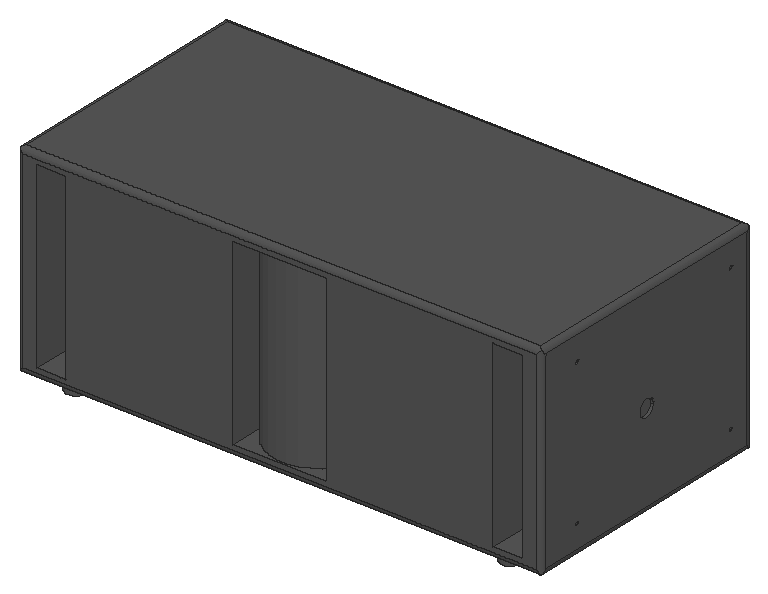
Revit family "Electronics_Community-Subwoofers_Biamp_V2_212S", category Communication Devices, host Face, Revit 2020
Family settings
  Host = Face
  Maintain Annotation Orientation = No
  Round Connector Dimension = Use Diameter
  Part Type = Normal
  OmniClass Number = 23.85.10.11.14.14.14
  Cut with Voids When Loaded = No
  Shared = No
  Room Calculation Point = No
Parameters (values of type "V2-212S B")
  Width = 2' - 11 115/128"  # constant formula
  Weight = 70.00 lbf  # constant formula
  URL = "https://www.biamp.com/"
  Sensitivity (1W/1m) = "98 dB  (50 Hz to  200 Hz) half space"  # constant formula
  Recommended Signal Processing = "40 Hz, 24 dB/octave high pass filter"  # constant formula
  Product data url = "https://www.bimobject.com/biamp/product/v2-212s_community-subwoofer"
  Product Page URL = "https://www.biamp.com/products/product-families/community/community-subwoofers#v2-212s"
  Product Documentation Link = "https://downloads.biamp.com/assets/docs/default-source/data-sheets/biamp_data_sheet_community_v2-212s.pdf"
  Optional Accessories = "M10EYBLTKIT 10mm eyebolt kit; STKIT seat track kit"  # constant formula
  Operating Range = "37 Hz to 500 Hz (-10 dB)"  # constant formula
  Nominal –6dB Beamwidth = "360° H x 180° V"  # constant formula
  Nominal Impedance = "4 ohms"  # constant formula
  Mounting/Rigging Provisions = "8 x M10 threaded rigging fittings"  # constant formula
  Model = "V2-212S B"
  Minimum Impedance = "4.2 ohms @ 110 Hz"  # constant formula
  Maximum Output = "123 dB SPL / 129 dB SPL (peak)"  # constant formula
  Manufacturer = "Biamp"  # constant formula
  Loudspeaker Type = "Dual driver subwoofer, rectangular, vented bass"  # constant formula
  Input Connection = "NL4-compatible locking connector with terminal strip in parallel"  # constant formula
  Housing Material = Biamp - Plastic - Black
  Height = 1' - 1 115/128"  # constant formula
  Grill Material = Biamp - Plastic - Black(Grid)
  Frequency Response = "50 Hz to 125 Hz (-3 dB)"  # constant formula
  Enclosure = "18mm, 11-ply cross-laminated birch"  # constant formula
  Drivers = "LF 2 x 12-inch"  # constant formula
  Driver Protection = "DYNA-TECH protection circuitry"  # constant formula
  Description = "V2-212S Dual 12-Inch Subwoofer System"  # constant formula
  Depth = 1' - 5 115/128"  # constant formula
  Default Elevation = 4' - 0"
  Connector Description = "NL4, Terminal strip; 300W continuous, 750W program 34.6 volts RMS, 69.3 volts momentary peak"  # constant formula
Types (2): name | Model | Housing Material | Grill Material
  V2-212S B | "V2-212S B" | Biamp - Plastic - Black | Biamp - Plastic - Black(Grid)
  V2-212S W | "V2-212S W" | Biamp - Plastic - White | Biamp - Plastic - White(Grid)
Reference planes (in)
  plane 1 "Center (Front/Back)": y = 0
  plane 2: z = 0
  plane 3 "Center (Left/Right)": x = 0
  plane 4: y = 8.959
  plane 5: x = 17.959
  plane 6: x = -17.959
  plane 7: y = -8.959
  plane 8: z = 14.418
  plane 9: z = 0.5
  plane 10: y = -5.52593
  plane 11: x = 17.834
  plane 12: x = 17.709
  plane 13: x = -17.834
  plane 14: x = -17.709
Forms (in)
  Extrusion 1, solid, material "Biamp - Plastic - Black" <- "Housing Material", detail levels medium+fine
    sketch origin (0, 0, 0) x (1, 0, 0) y (0, 1, 0)
      loop
        arc (-17.584, 8.959) -> (-17.84917, 8.84917) -> (-17.959, 8.584) r 0.375
        line (-17.959, 8.584) -> (-17.959, -8.584)
        arc (-17.959, -8.584) -> (-17.84917, -8.84917) -> (-17.584, -8.959) r 0.375
        line (-17.584, -8.959) -> (17.584, -8.959)
        arc (17.584, -8.959) -> (17.84917, -8.84917) -> (17.959, -8.584) r 0.375
        line (17.959, -8.584) -> (17.959, 8.584)
        arc (17.959, 8.584) -> (17.84917, 8.84917) -> (17.584, 8.959) r 0.375
        line (17.584, 8.959) -> (-17.584, 8.959)
    from 0.5 to 14.418
  Extrusion 2, solid, material "Biamp - Plastic - Black" <- "Housing Material", detail levels medium+fine
    sketch origin (0, 0, 0) x (1, 0, 0) y (0, 1, 0)
      loop
        circle (-14.8882, 7.7795) r 0.6875
      loop
        circle (-14.8882, -7.7795) r 0.6875
      loop
        circle (14.8882, -7.7795) r 0.6875
      loop
        circle (14.8882, 7.7795) r 0.6875
    from 0 to 0.5
  Extrusion 3, void
    sketch origin (0, 0, 0) x (1, 0, 0) y (0, 0, 1)
      loop
        line (-17.959, 14.418) -> (-17.959, 14.043)
        arc (-17.959, 14.043) -> (-17.84917, 14.30817) -> (-17.584, 14.418) r 0.375
        line (-17.584, 14.418) -> (-17.959, 14.418)
      loop
        line (17.959, 14.418) -> (17.584, 14.418)
        arc (17.584, 14.418) -> (17.84917, 14.30817) -> (17.959, 14.043) r 0.375
        line (17.959, 14.043) -> (17.959, 14.418)
      loop
        line (-17.959, 0.5) -> (-17.584, 0.5)
        arc (-17.584, 0.5) -> (-17.84917, 0.60983) -> (-17.959, 0.875) r 0.375
        line (-17.959, 0.875) -> (-17.959, 0.5)
      loop
        line (17.959, 0.5) -> (17.959, 0.875)
        arc (17.959, 0.875) -> (17.84917, 0.60983) -> (17.584, 0.5) r 0.375
        line (17.584, 0.5) -> (17.959, 0.5)
    from -8.959 to 8.959
  Extrusion 4, void
    sketch origin (0, 0, 0) x (0, 1, 0) y (0, 0, 1)
      loop
        line (-8.959, 14.418) -> (-8.959, 14.043)
        arc (-8.959, 14.043) -> (-8.84917, 14.30817) -> (-8.584, 14.418) r 0.375
        line (-8.584, 14.418) -> (-8.959, 14.418)
      loop
        line (8.959, 14.418) -> (8.584, 14.418)
        arc (8.584, 14.418) -> (8.84917, 14.30817) -> (8.959, 14.043) r 0.375
        line (8.959, 14.043) -> (8.959, 14.418)
      loop
        line (-8.959, 0.5) -> (-8.584, 0.5)
        arc (-8.584, 0.5) -> (-8.84917, 0.60983) -> (-8.959, 0.875) r 0.375
        line (-8.959, 0.875) -> (-8.959, 0.5)
      loop
        line (8.959, 0.5) -> (8.959, 0.875)
        arc (8.959, 0.875) -> (8.84917, 0.60983) -> (8.584, 0.5) r 0.375
        line (8.584, 0.5) -> (8.959, 0.5)
    from -17.959 to 17.959
  Extrusion 5, void
    sketch origin (0, 0, 0) x (1, 0, 0) y (0, 0, 1)
      loop
        line (-16.65979, 13.70934) -> (-16.65979, 1.20866) -> (-14.61845, 1.20866) -> (-14.61845, 13.70934) -> (-16.65979, 13.70934)
      loop
        line (16.65979, 13.70934) -> (14.61845, 13.70934) -> (14.61845, 1.20866) -> (16.65979, 1.20866) -> (16.65979, 13.70934)
      loop
        line (-3.23583, 13.70934) -> (-3.23583, 1.20866) -> (3.23583, 1.20866) -> (3.23583, 13.70934) -> (-3.23583, 13.70934)
    from 5.52593 to 8.959
  Extrusion 6, solid, material "Biamp - Plastic - Black(Grid)" <- "Grill Material", detail levels medium+fine
    sketch origin (0, -0.19685, 0) x (1, 0, 0) y (0, 1, 0)
      loop
        arc (-3.23583, -5.32947) -> (0, -8.5653) -> (3.23583, -5.32947) r 3.23583
        line (3.23583, -5.32947) -> (-3.23583, -5.32947)
    from 1.20866 to 13.70934
  Extrusion 7, void
    sketch origin (0, 0, 0) x (0, 1, 0) y (0, 0, 1)
      loop
        circle (-5.959, 12.418) r 0.156
      loop
        circle (7.209, 12.418) r 0.156
      loop
        circle (-5.959, 2.5) r 0.156
      loop
        circle (7.209, 2.5) r 0.156
    from 17.834 to 17.959
  Extrusion 8, void
    sketch origin (0, 0, 0) x (0, 1, 0) y (0, 0, 1)
      loop
        circle (0, 6.959) r 0.603
    from 17.709 to 17.959
  Extrusion 9, void
    sketch origin (0, 0, 0) x (0, 1, 0) y (0, 0, -1)
      loop
        circle (-5.959, -12.418) r 0.156
      loop
        circle (7.209, -12.418) r 0.156
      loop
        circle (-5.959, -2.5) r 0.156
      loop
        circle (7.209, -2.5) r 0.156
    from 17.834 to 17.959
  Extrusion 10, void
    sketch origin (0, 0, 0) x (0, 1, 0) y (0, 0, -1)
      loop
        circle (0, -6.959) r 0.603
    from 17.709 to 17.959
  Extrusion 11, solid, material "Biamp - Plastic - Black" <- "Housing Material", detail levels coarse
    sketch origin (0, 0, 0) x (1, 0, 0) y (0, 1, 0)
      loop
        arc (-17.584, 8.959) -> (-17.84917, 8.84917) -> (-17.959, 8.584) r 0.375
        line (-17.959, 8.584) -> (-17.959, -8.584)
        arc (-17.959, -8.584) -> (-17.84917, -8.84917) -> (-17.584, -8.959) r 0.375
        line (-17.584, -8.959) -> (17.584, -8.959)
        arc (17.584, -8.959) -> (17.84917, -8.84917) -> (17.959, -8.584) r 0.375
        line (17.959, -8.584) -> (17.959, 8.584)
        arc (17.959, 8.584) -> (17.84917, 8.84917) -> (17.584, 8.959) r 0.375
        line (17.584, 8.959) -> (-17.584, 8.959)
    from 0 to 14.418
  Extrusion 12, void
    sketch origin (3.514, -2.26957, -5.55541) x (-1, 0, 0) y (0, 0, 1)
      loop
        line (-4.9844, 15.80428) -> (-4.9844, 10.20428) -> (-0.4844, 10.20428) -> (-0.4844, 15.80428) -> (-4.9844, 15.80428)
    from 11.08886 to 11.22857
  Extrusion 13, solid, material "Biamp - Plastic - Black" <- "Housing Material", detail levels medium+fine
    sketch origin (3.55593, -2.26957, -6.26408) x (1, 0, 0) y (0, 0, 1)
      loop
        line (2.12428, 15.36609) -> (2.12428, 14.05412) -> (4.29307, 14.05412) -> (4.29307, 15.36609) -> (2.12428, 15.36609)
    from -11.08886 to -10.94488
  Extrusion 14, solid, material "Biamp - Plastic - Black" <- "Housing Material", detail levels medium+fine
    sketch origin (3.53135, -2.26957, -5.29145) x (1, 0, 0) y (0, 0, 1)
      loop
        line (1.48531, 14.74345) -> (1.48531, 13.0815) -> (2.14886, 13.0815) -> (2.14886, 14.74345) -> (1.48531, 14.74345)
    from -11.08886 to -10.94488
  Extrusion 15, solid, material "Biamp - Plastic - Black" <- "Housing Material", detail levels medium+fine
    sketch origin (4.54043, 2.27756, -0.26014) x (1, 0, 0) y (0, 0, 1)
      loop
        arc (1.92951, 8.33355) -> (2.58023, 8.42519) -> (2.50329, 9.07782) r 0.47
        arc (2.50329, 9.07782) -> (1.83578, 8.99912) -> (1.92951, 8.33355) r 0.47
    from -6.54173 to -6.61159
  Extrusion 16, solid, material "Biamp - Plastic - Black" <- "Housing Material", detail levels medium+fine
    sketch origin (4.54043, 2.31078, -0.26014) x (1, 0, 0) y (0, 0, 1)
      loop
        line (2.14651, 8.37395) -> (2.13533, 8.31246)
        arc (2.13533, 8.31246) -> (2.20801, 8.3059) -> (2.28068, 8.31246) r 0.40625
        line (2.28068, 8.31246) -> (2.2695, 8.37395)
        arc (2.2695, 8.37395) -> (2.55048, 8.68253) -> (2.32666, 9.03478) r 0.34375
        line (2.32666, 9.03478) -> (2.34824, 9.09343)
        arc (2.34824, 9.09343) -> (2.20801, 9.1184) -> (2.06777, 9.09343) r 0.40625
        line (2.06777, 9.09343) -> (2.08935, 9.03478)
        arc (2.08935, 9.03478) -> (1.86553, 8.68253) -> (2.14651, 8.37395) r 0.34375
    from -6.64822 to -6.57837
  Extrusion 17, solid, material "Biamp - Plastic - Black" <- "Housing Material", detail levels medium+fine
    sketch origin (4.54043, 2.31078, -0.26014) x (1, 0, 0) y (0, 0, 1)
      loop
        circle (0.80801, 9.4576) r 0.125
      loop
        circle (0.80801, 9.0706) r 0.0785
      loop
        circle (0.80801, 8.6956) r 0.0785
      loop
        circle (0.80801, 8.3086) r 0.125
    from -6.64822 to -6.50851
Cuts and joins
  Extrusion 7 cuts Extrusion 6
  Extrusion 3, Extrusion 4, Extrusion 5, Extrusion 7, Extrusion 8, Extrusion 9, Extrusion 10, Extrusion 12 cuts Extrusion 1
  joined: Extrusion 1, Extrusion 13, Extrusion 14
Lines and regions (in)
  Masking region 1
    outline origin (0, 0, 0) x (1, 0, 0) y (0, 1, 0)
      loop
        line (17.584, 8.959) -> (-17.584, 8.959)
        arc (-17.584, 8.959) -> (-17.84917, 8.84917) -> (-17.959, 8.584) r 0.375
        line (-17.959, 8.584) -> (-17.959, -8.584)
        arc (-17.959, -8.584) -> (-17.84917, -8.84917) -> (-17.584, -8.959) r 0.375
        line (-17.584, -8.959) -> (17.584, -8.959)
        arc (17.584, -8.959) -> (17.84917, -8.84917) -> (17.959, -8.584) r 0.375
        line (17.959, -8.584) -> (17.959, 8.584)
        arc (17.959, 8.584) -> (17.84917, 8.84917) -> (17.584, 8.959) r 0.375
  Masking region 2
    outline origin (0, 0, 0) x (1, 0, 0) y (0, 0, 1)
      loop
        line (17.584, 14.418) -> (-17.584, 14.418)
        arc (-17.584, 14.418) -> (-17.84917, 14.30817) -> (-17.959, 14.043) r 0.375
        line (-17.959, 14.043) -> (-17.959, 0.875)
        arc (-17.959, 0.875) -> (-17.84917, 0.60983) -> (-17.584, 0.5) r 0.375
        line (-17.584, 0.5) -> (-15.5757, 0.5) -> (-15.5757, 0) -> (-14.2007, 0) -> (-14.2007, 0.5) -> (14.2007, 0.5) -> (14.2007, 0) -> (15.5757, 0) -> (15.5757, 0.5) -> (17.584, 0.5)
        arc (17.584, 0.5) -> (17.84917, 0.60983) -> (17.959, 0.875) r 0.375
        line (17.959, 0.875) -> (17.959, 14.043)
        arc (17.959, 14.043) -> (17.84917, 14.30817) -> (17.584, 14.418) r 0.375
  Masking region 3
    outline origin (0, 0, 0) x (0, 1, 0) y (0, 0, 1)
      loop
        line (-8.584, 0.5) -> (-8.467, 0.5) -> (-8.467, 0) -> (-7.092, 0) -> (-7.092, 0.5) -> (7.092, 0.5) -> (7.092, 0) -> (8.467, 0) -> (8.467, 0.5) -> (8.584, 0.5)
        arc (8.584, 0.5) -> (8.84917, 0.60983) -> (8.959, 0.875) r 0.375
        line (8.959, 0.875) -> (8.959, 14.043)
        arc (8.959, 14.043) -> (8.84917, 14.30817) -> (8.584, 14.418) r 0.375
        line (8.584, 14.418) -> (-8.584, 14.418)
        arc (-8.584, 14.418) -> (-8.84917, 14.30817) -> (-8.959, 14.043) r 0.375
        line (-8.959, 14.043) -> (-8.959, 0.875)
        arc (-8.959, 0.875) -> (-8.84917, 0.60983) -> (-8.584, 0.5) r 0.375
  symbolic lines
    curve 1: line (17.584, 8.959, 0) -> (-17.584, 8.959, 0)
    curve 2: arc (-17.584, 8.959, 0) -> (-17.84917, 8.84917, 0) -> (-17.959, 8.584, 0) r 0.375
    curve 3: line (-17.959, 8.584, 0) -> (-17.959, -8.584, 0)
    curve 4: arc (-17.959, -8.584, 0) -> (-17.84917, -8.84917, 0) -> (-17.584, -8.959, 0) r 0.375
    curve 5: line (-17.584, -8.959, 0) -> (17.584, -8.959, 0)
    curve 6: arc (17.584, -8.959, 0) -> (17.84917, -8.84917, 0) -> (17.959, -8.584, 0) r 0.375
    curve 7: line (17.959, -8.584, 0) -> (17.959, 8.584, 0)
    curve 8: arc (17.959, 8.584, 0) -> (17.84917, 8.84917, 0) -> (17.584, 8.959, 0) r 0.375
    curve 9: line (-14.2007, 0, 0.5) -> (14.2007, 0, 0.5)
    curve 10: line (14.2007, 0, 0.5) -> (14.2007, 0, 0)
    curve 11: line (14.2007, 0, 0) -> (15.5757, 0, 0)
    curve 12: line (15.5757, 0, 0) -> (15.5757, 0, 0.5)
    curve 13: line (15.5757, 0, 0.5) -> (17.584, 0, 0.5)
    curve 14: arc (17.584, 0, 0.5) -> (17.84917, 0, 0.60983) -> (17.959, 0, 0.875) r 0.375
    curve 15: line (17.959, 0, 0.875) -> (17.959, 0, 14.043)
    curve 16: arc (17.959, 0, 14.043) -> (17.84917, 0, 14.30817) -> (17.584, 0, 14.418) r 0.375
    curve 17: line (17.584, 0, 14.418) -> (-17.584, 0, 14.418)
    curve 18: arc (-17.584, 0, 14.418) -> (-17.84917, 0, 14.30817) -> (-17.959, 0, 14.043) r 0.375
    curve 19: line (-17.959, 0, 14.043) -> (-17.959, 0, 0.875)
    curve 20: arc (-17.959, 0, 0.875) -> (-17.84917, 0, 0.60983) -> (-17.584, 0, 0.5) r 0.375
    curve 21: line (-17.584, 0, 0.5) -> (-15.5757, 0, 0.5)
    curve 22: line (-15.5757, 0, 0.5) -> (-15.5757, 0, 0)
    curve 23: line (-15.5757, 0, 0) -> (-14.2007, 0, 0)
    curve 24: line (-14.2007, 0, 0) -> (-14.2007, 0, 0.5)
    curve 25: line (-15.5757, 0, 0.5) -> (-14.2007, 0, 0.5)
    curve 26: line (14.2007, 0, 0.5) -> (15.5757, 0, 0.5)
    curve 27: line (3.23583, 0, 13.70934) -> (3.23583, 0, 1.20866)
    curve 28: line (3.23583, 0, 1.20866) -> (-3.23583, 0, 1.20866)
    curve 29: line (-3.23583, 0, 1.20866) -> (-3.23583, 0, 13.70934)
    curve 30: line (-3.23583, 0, 13.70934) -> (3.23583, 0, 13.70934)
    curve 31: line (14.61845, 0, 1.20866) -> (14.61845, 0, 13.70934)
    curve 32: line (14.61845, 0, 13.70934) -> (16.65979, 0, 13.70934)
    curve 33: line (16.65979, 0, 13.70934) -> (16.65979, 0, 1.20866)
    curve 34: line (16.65979, 0, 1.20866) -> (14.61845, 0, 1.20866)
    curve 35: line (-14.61845, 0, 13.70934) -> (-14.61845, 0, 1.20866)
    curve 36: line (-14.61845, 0, 1.20866) -> (-16.65979, 0, 1.20866)
    curve 37: line (-16.65979, 0, 1.20866) -> (-16.65979, 0, 13.70934)
    curve 38: line (-16.65979, 0, 13.70934) -> (-14.61845, 0, 13.70934)
    curve 39: line (0, 8.584, 14.418) -> (0, -8.584, 14.418)
    curve 40: arc (0, -8.584, 14.418) -> (0, -8.84917, 14.30817) -> (0, -8.959, 14.043) r 0.375
    curve 41: line (0, -8.959, 14.043) -> (0, -8.959, 0.875)
    curve 42: arc (0, -8.959, 0.875) -> (0, -8.84917, 0.60983) -> (0, -8.584, 0.5) r 0.375
    curve 43: line (0, -8.584, 0.5) -> (0, -8.467, 0.5)
    curve 44: line (0, -8.467, 0.5) -> (0, -8.467, 0)
    curve 45: line (0, -8.467, 0) -> (0, -7.092, 0)
    curve 46: line (0, -7.092, 0) -> (0, -7.092, 0.5)
    curve 47: line (0, -7.092, 0.5) -> (0, 7.092, 0.5)
    curve 48: line (0, 7.092, 0.5) -> (0, 7.092, 0)
    curve 49: line (0, 7.092, 0) -> (0, 8.467, 0)
    curve 50: line (0, 8.467, 0) -> (0, 8.467, 0.5)
    curve 51: line (0, 8.467, 0.5) -> (0, 8.584, 0.5)
    curve 52: arc (0, 8.584, 0.5) -> (0, 8.84917, 0.60983) -> (0, 8.959, 0.875) r 0.375
    curve 53: line (0, 8.959, 0.875) -> (0, 8.959, 14.043)
    curve 54: arc (0, 8.959, 14.043) -> (0, 8.84917, 14.30817) -> (0, 8.584, 14.418) r 0.375
    curve 55: arc (0, 0.603, 6.959) -> (0, 0, 6.356) -> (0, -0.603, 6.959) r 0.603
    curve 56: arc (0, -0.603, 6.959) -> (0, 0, 7.562) -> (0, 0.603, 6.959) r 0.603
    curve 57: arc (0, -5.803, 2.5) -> (0, -5.959, 2.344) -> (0, -6.115, 2.5) r 0.156
    curve 58: arc (0, -6.115, 2.5) -> (0, -5.959, 2.656) -> (0, -5.803, 2.5) r 0.156
    curve 59: arc (0, 7.053, 2.5) -> (0, 7.209, 2.656) -> (0, 7.365, 2.5) r 0.156
    curve 60: arc (0, 7.365, 2.5) -> (0, 7.209, 2.344) -> (0, 7.053, 2.5) r 0.156
    curve 61: arc (0, 7.053, 12.418) -> (0, 7.209, 12.574) -> (0, 7.365, 12.418) r 0.156
    curve 62: arc (0, 7.365, 12.418) -> (0, 7.209, 12.262) -> (0, 7.053, 12.418) r 0.156
    curve 63: arc (0, -6.115, 12.418) -> (0, -5.959, 12.574) -> (0, -5.803, 12.418) r 0.156
    curve 64: arc (0, -5.803, 12.418) -> (0, -5.959, 12.262) -> (0, -6.115, 12.418) r 0.156
    curve 65: line (0, -8.467, 0.5) -> (0, -7.092, 0.5)
    curve 66: line (0, 7.092, 0.5) -> (0, 8.467, 0.5)
Dimensions and locks (in)
  plane 6 to plane 5 = 2' - 11.918"
  equal spacing: plane 6, plane 3 "Center (Left/Right)", plane 5
  equal spacing: plane 4, plane 1 "Center (Front/Back)", plane 7
  plane 7 to plane 4 = 1' - 5.918"
  plane 7 to plane 10 = 0' - 3.43307"
  aligned and locked: plane 2 to host face
  aligned and locked: level to host face
  aligned and locked: Extrusion 1 to plane 8
  aligned and locked: Extrusion 2 to plane 2
  aligned and locked: Extrusion 2 to plane 9
  aligned and locked: plane 9 to Extrusion 1
  aligned and locked: Extrusion 11 to plane 2
  aligned and locked: Extrusion 11 to plane 8
Automatic sketch dimensions
  curve 3 to plane 6 = 0' - 0"
  plane 7 to curve 5 = 0' - 0"
  curve 1 to plane 4 = 0' - 0"
  curve 6 to plane 5 = 0' - 0"
  curve 5 to plane 14 = 0' - 0 1/8"
  curve 1 to plane 14 = 0' - 0 1/8"
  curve 1 to plane 12 = 0' - 0 1/8"
  curve 5 to plane 12 = 0' - 0 1/8"
  curve 55 to curve 56 = 0' - 0"  (x2)
  curve 57 to curve 58 = 0' - 0"  (x2)
  curve 59 to curve 60 = 0' - 0"  (x2)
  curve 61 to curve 62 = 0' - 0"  (x2)
  curve 63 to curve 64 = 0' - 0"  (x2)
  curve 41 to plane 7 = 0' - 0"
  plane 8 to curve 39 = 0' - 0"
  plane 9 to curve 42 = 0' - 0"
  curve 44 to level = 0' - 0"
  curve 56 to plane 1 "Center (Front/Back)" = 0' - 0"
  curve 48 to level = 0' - 0"
  curve 53 to plane 4 = 0' - 0"
  curve 41 to curve 42 = 0' - 0 3/8"
  curve 39 to plane 7 = 0' - 0 3/8"
  curve 42 to curve 65 = 0' - 0.117"
  curve 44 to curve 45 = 0' - 1 3/8"
  plane 10 to curve 58 = 0' - 0.43307"
  plane 10 to curve 63 = 0' - 0.43307"
  curve 48 to plane 4 = 0' - 1.867"
  curve 59 to plane 4 = 0' - 1 3/4"
  curve 61 to plane 4 = 0' - 1 3/4"
  curve 50 to plane 4 = 0' - 0.492"
  curve 54 to curve 53 = 0' - 0 3/8"
  curve 52 to curve 52 = 0' - 0 3/8"
  curve 60 to plane 9 = 0' - 2"
  curve 58 to plane 9 = 0' - 2"
  curve 56 to plane 9 = 0' - 6.459"
  plane 8 to curve 64 = 0' - 2"
  plane 8 to curve 61 = 0' - 2"
  curve 63 to curve 63 = 0' - 0.156"
  curve 57 to curve 57 = 0' - 0.156"
  plane 1 "Center (Front/Back)" to curve 55 = 0' - 0.603"
  curve 60 to curve 59 = 0' - 0.156"
  curve 61 to curve 61 = 0' - 0.156"
  plane 6 to curve 18 = 0' - 0"
  curve 20 to plane 9 = 0' - 0"
  curve 18 to plane 8 = 0' - 0"
  curve 22 to level = 0' - 0"
  curve 11 to level = 0' - 0"
  curve 15 to plane 5 = 0' - 0"
  curve 18 to plane 14 = 0' - 0 1/8"
  curve 20 to plane 14 = 0' - 0 1/8"
  curve 18 to curve 38 = 0' - 0.92421"
  curve 36 to curve 22 = 0' - 1.08409"
  curve 21 to curve 35 = 0' - 0.95725"
  curve 35 to curve 9 = 0' - 0.41775"
  plane 8 to curve 29 = 0' - 0.70866"
  curve 29 to plane 3 "Center (Left/Right)" = 0' - 3.23583"
  curve 28 to plane 9 = 0' - 0.70866"
  plane 3 "Center (Left/Right)" to curve 28 = 0' - 3.23583"
  curve 10 to plane 12 = 0' - 3.5083"
  curve 9 to curve 34 = 0' - 0.41775"
  curve 10 to curve 12 = 0' - 1 3/8"
  curve 34 to plane 12 = 0' - 1.04921"
  curve 14 to plane 12 = 0' - 0 1/8"
  curve 16 to plane 12 = 0' - 0 1/8"
  curve 35 to plane 9 = 0' - 0.70866"
  curve 34 to plane 9 = 0' - 0.70866"
  plane 8 to curve 38 = 0' - 0.70866"
  plane 8 to curve 31 = 0' - 0.70866"
  host sketch curve to host sketch curve = 8' - 0"  (x2)
  Extrusion 1 sketch curve to plane 6 = 0' - 0"
  Extrusion 1 sketch curve to plane 4 = 0' - 0"
  plane 7 to Extrusion 1 sketch curve = 0' - 0"
  Extrusion 1 sketch curve to plane 5 = 0' - 0"
  Extrusion 1 sketch curve to plane 14 = 0' - 0 1/8"  (x2)
  Extrusion 1 sketch curve to plane 12 = 0' - 0 1/8"  (x2)
  plane 6 to Extrusion 3 sketch curve = 0' - 0"  (x2)
  Extrusion 3 sketch curve to plane 8 = 0' - 0"  (x2)
  Extrusion 3 sketch curve to plane 9 = 0' - 0"  (x2)
  Extrusion 3 sketch curve to plane 5 = 0' - 0"  (x2)
  Extrusion 3 sketch curve to plane 14 = 0' - 0 1/8"  (x2)
  Extrusion 3 sketch curve to plane 12 = 0' - 0 1/8"  (x2)
  Extrusion 4 sketch curve to plane 7 = 0' - 0"  (x2)
  plane 9 to Extrusion 4 sketch curve = 0' - 0"  (x2)
  plane 8 to Extrusion 4 sketch curve = 0' - 0"  (x2)
  Extrusion 4 sketch curve to plane 4 = 0' - 0"  (x2)
  Extrusion 4 sketch curve to Extrusion 4 sketch curve = 0' - 0 3/8"  (x4)
  Extrusion 5 sketch curve to plane 14 = 0' - 1.04921"
  Extrusion 5 sketch curve to plane 9 = 0' - 0.70866"  (x3)
  Extrusion 5 sketch curve to Extrusion 5 sketch curve = 0' - 2.04134"
  plane 8 to Extrusion 5 sketch curve = 0' - 0.70866"  (x3)
  Extrusion 5 sketch curve to plane 3 "Center (Left/Right)" = 0' - 3.23583"
  plane 3 "Center (Left/Right)" to Extrusion 5 sketch curve = 0' - 3.23583"
  Extrusion 5 sketch curve to plane 12 = 0' - 3.09055"
  Extrusion 5 sketch curve to plane 12 = 0' - 1.04921"
  Extrusion 6 sketch curve to plane 3 "Center (Left/Right)" = 0' - 0"
  plane 10 to Extrusion 6 sketch curve = 0' - 0.00039"
  Extrusion 6 sketch curve to plane 3 "Center (Left/Right)" = 0' - 3.23583"
  plane 10 to Extrusion 7 sketch curve = 0' - 0.43307"  (x2)
  Extrusion 7 sketch curve to plane 4 = 0' - 1 3/4"  (x2)
  Extrusion 7 sketch curve to plane 9 = 0' - 2"  (x2)
  plane 8 to Extrusion 7 sketch curve = 0' - 2"  (x2)
  Extrusion 8 sketch curve to plane 1 "Center (Front/Back)" = 0' - 0"
  Extrusion 8 sketch curve to plane 9 = 0' - 6.459"
  plane 10 to Extrusion 9 sketch curve = 0' - 0.43307"  (x2)
  Extrusion 9 sketch curve to plane 4 = 0' - 1 3/4"  (x2)
  plane 8 to Extrusion 9 sketch curve = 0' - 2"  (x2)
  Extrusion 9 sketch curve to plane 9 = 0' - 2"  (x2)
  Extrusion 10 sketch curve to plane 1 "Center (Front/Back)" = 0' - 0"
  Extrusion 10 sketch curve to plane 9 = 0' - 6.459"
  Extrusion 11 sketch curve to plane 6 = 0' - 0"
  plane 7 to Extrusion 11 sketch curve = 0' - 0"
  Extrusion 11 sketch curve to plane 4 = 0' - 0"
  Extrusion 11 sketch curve to plane 5 = 0' - 0"
  Extrusion 11 sketch curve to plane 14 = 0' - 0 1/8"  (x2)
  Extrusion 11 sketch curve to plane 12 = 0' - 0 1/8"  (x2)
  Masking region 1 sketch curve to plane 6 = 0' - 0"
  plane 7 to Masking region 1 sketch curve = 0' - 0"
  Masking region 1 sketch curve to plane 4 = 0' - 0"
  Masking region 1 sketch curve to plane 5 = 0' - 0"
  Masking region 1 sketch curve to plane 14 = 0' - 0 1/8"  (x2)
  Masking region 1 sketch curve to plane 12 = 0' - 0 1/8"  (x2)
  plane 6 to Masking region 2 sketch curve = 0' - 0"
  Masking region 2 sketch curve to plane 8 = 0' - 0"
  Masking region 2 sketch curve to plane 9 = 0' - 0"  (x3)
  Masking region 2 sketch curve to level = 0' - 0"  (x2)
  Masking region 2 sketch curve to plane 5 = 0' - 0"
  Masking region 2 sketch curve to plane 14 = 0' - 0 1/8"  (x2)
  Masking region 2 sketch curve to Masking region 2 sketch curve = 0' - 2.0083"
  Masking region 2 sketch curve to Masking region 2 sketch curve = 0' - 1 3/8"  (x2)
  Masking region 2 sketch curve to plane 12 = 0' - 3.5083"
  Masking region 2 sketch curve to plane 12 = 0' - 0 1/8"  (x2)
  Masking region 3 sketch curve to plane 7 = 0' - 0"
  plane 8 to Masking region 3 sketch curve = 0' - 0"
  plane 9 to Masking region 3 sketch curve = 0' - 0"  (x3)
  Masking region 3 sketch curve to level = 0' - 0"  (x2)
  Masking region 3 sketch curve to plane 4 = 0' - 0"
  Masking region 3 sketch curve to plane 7 = 0' - 0 3/8"  (x2)
  Masking region 3 sketch curve to Masking region 3 sketch curve = 0' - 0.117"  (x2)
  Masking region 3 sketch curve to Masking region 3 sketch curve = 0' - 1 3/8"
  Masking region 3 sketch curve to plane 4 = 0' - 1.867"
  Masking region 3 sketch curve to plane 4 = 0' - 0.492"
  Masking region 3 sketch curve to plane 4 = 0' - 0 3/8"
  plane 8 to Extrusion 12 sketch curve = 0' - 4.16914"
  plane 3 "Center (Left/Right)" to Extrusion 12 sketch curve = 0' - 8.4984"
  plane 3 "Center (Left/Right)" to Extrusion 12 sketch curve = 0' - 3.9984"
  Extrusion 12 sketch curve to plane 9 = 0' - 4.14886"
  plane 3 "Center (Left/Right)" to Extrusion 13 sketch curve = 0' - 5.68021"
  Extrusion 13 sketch curve to Extrusion 13 sketch curve = 0' - 2.16879"
  plane 8 to Extrusion 13 sketch curve = 0' - 6.62795"
  Extrusion 13 sketch curve to Extrusion 13 sketch curve = 0' - 1.31197"
  plane 3 "Center (Left/Right)" to Extrusion 14 sketch curve = 0' - 5.01667"
  Extrusion 14 sketch curve to Extrusion 14 sketch curve = 0' - 0.66355"
  plane 8 to Extrusion 14 sketch curve = 0' - 6.62795"
  Extrusion 14 sketch curve to Extrusion 14 sketch curve = 0' - 1.66195"
  Extrusion 15 sketch curve to Extrusion 15 sketch curve = 0' - 0"  (x2)
  plane 3 "Center (Left/Right)" to Extrusion 15 sketch curve = 0' - 6.74844"
  plane 8 to Extrusion 15 sketch curve = 0' - 5.96598"
  Extrusion 15 sketch curve to Extrusion 15 sketch curve = 0' - 0.2785"
  Extrusion 15 sketch curve to Extrusion 15 sketch curve = 0' - 0.29528"
  Extrusion 15 sketch curve to Extrusion 15 sketch curve = 0' - 0.3786"
  Extrusion 16 sketch curve to Extrusion 16 sketch curve = 0' - 0"  (x6)
  plane 3 "Center (Left/Right)" to Extrusion 16 sketch curve = 0' - 6.60821"
  Extrusion 16 sketch curve to Extrusion 16 sketch curve = 0' - 0.02157"  (x2)
  Extrusion 16 sketch curve to Extrusion 16 sketch curve = 0' - 0.04598"
  Extrusion 16 sketch curve to Extrusion 16 sketch curve = 0' - 0.01118"  (x2)
  Extrusion 16 sketch curve to Extrusion 16 sketch curve = 0' - 0.0615"
  Extrusion 16 sketch curve to Extrusion 16 sketch curve = 0' - 0.12299"
  Extrusion 16 sketch curve to Extrusion 16 sketch curve = 0' - 0.23732"
  plane 8 to Extrusion 16 sketch curve = 0' - 6.36568"
  Extrusion 16 sketch curve to Extrusion 16 sketch curve = 0' - 0.06149"  (x2)
  Extrusion 16 sketch curve to Extrusion 16 sketch curve = 0' - 0.3382"
  Extrusion 16 sketch curve to Extrusion 16 sketch curve = 0' - 0.05866"
  Extrusion 17 sketch curve to Extrusion 17 sketch curve = 0' - 0"  (x3)
  plane 8 to Extrusion 17 sketch curve = 0' - 6.36954"
  Extrusion 17 sketch curve to Extrusion 17 sketch curve = 0' - 0.387"  (x2)
  Extrusion 17 sketch curve to Extrusion 17 sketch curve = 0' - 0 3/8"
  plane 3 "Center (Left/Right)" to Extrusion 17 sketch curve = 0' - 5.34844"
  radius of Extrusion 7 sketch curve = 0' - 0.156"  (x4)
  radius of Extrusion 8 sketch curve = 0' - 0.603"
  radius of Extrusion 9 sketch curve = 0' - 0.156"  (x4)
  radius of Extrusion 10 sketch curve = 0' - 0.603"
  radius of Extrusion 17 sketch curve = 0' - 0 1/8"  (x2)
  radius of Extrusion 17 sketch curve = 0' - 0.0785"  (x2)
Connectors (in)
  electrical at (5.34878, 8.959, 8.62078), driven by "Connector Description"
    settings: on Extrusion 17, index 1, voltage 69.3 V, apparent load 0 VA, apparent load phase1 750 VA, apparent load phase2 0 VA, apparent load phase3 0 VA, power factor 1, load classification "Other", number of poles 1, system type 5, power factor state 1, is connector primary yes, connector utility no, sub classification motor no, connector description "NL4, Terminal strip; 300W continuous, 750W program 34.6 volts RMS, 69.3 volts momentary peak"
  electrical at (6.7419, 8.959, 8.45641), driven by "Connector Description"
    settings: on Extrusion 16, index 2, voltage 0 V, apparent load 0 VA, apparent load phase1 0 VA, apparent load phase2 0 VA, apparent load phase3 0 VA, power factor 1, load classification "Other", number of poles 1, system type 5, power factor state 1, is connector primary no, connector utility no, sub classification motor no, connector description "NL4, Terminal strip; 300W continuous, 750W program 34.6 volts RMS, 69.3 volts momentary peak"
